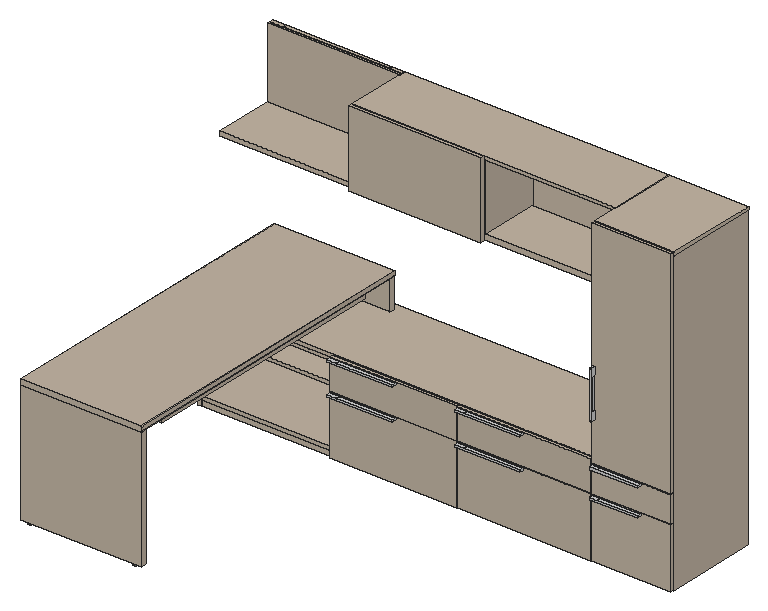
Revit family "FLT009", category Furniture, Revit 2015 (continued)
Definition of nested family "JSI-Flux-Dbl_H-Wall_Mount_OH_Shelf"
  Dimensions and locks (in)
    aligned and locked: plane 10 to Extrusion 3
    aligned and locked: Extrusion 2 to plane 9
    aligned and locked: Extrusion 3 to plane 9
    aligned and locked: plane 10 to Extrusion 4 sketch curve
    aligned and locked: plane 15 to Extrusion 4 sketch curve
    aligned and locked: plane 4 to Extrusion 4 sketch curve
    aligned and locked: plane 3 "Center (Front/Back)" to Extrusion 4 sketch curve
    aligned and locked: plane 16 to Extrusion 5 sketch curve
    aligned and locked: plane 9 to Extrusion 5 sketch curve
    aligned and locked: plane 4 to Extrusion 5 sketch curve
    aligned and locked: plane 3 "Center (Front/Back)" to Extrusion 5 sketch curve
    aligned and locked: Extrusion 4 to plane 13
    aligned and locked: Extrusion 5 to plane 13
    aligned and locked: plane 14 to Extrusion 4
    aligned and locked: plane 14 to Extrusion 5
    aligned and locked: plane 11 to Extrusion 6 sketch curve
    aligned and locked: plane 9 to Extrusion 6 sketch curve
    aligned and locked: plane 6 to Extrusion 6 sketch curve
    aligned and locked: plane 5 to Extrusion 6 sketch curve
    aligned and locked: Extrusion 6 to plane 2 "Center (Left/Right)"
    aligned and locked: plane 7 to Extrusion 6
    aligned and locked: curve 1 to plane 3 "Center (Front/Back)"
    aligned and locked: curve 2 to plane 2 "Center (Left/Right)"
    aligned and locked: curve 3 to plane 6
    aligned and locked: curve 4 to plane 7
    aligned and locked: curve 5 to plane 5
Definition of nested family "JSI-Flux-Wall_Mount_OH_Cab_Sldng_Dr"
  Parameters (values of type "Type Catalog - Wall Mount OH Cab Sldng Dr")
    Wiring Hole Dist = if(Door Adjust > 3, 1' 6", 0' 9")  # 1' - 6"
    Top = none
    Width = 7' - 11 7/8"
    URL = "www.jsifurniture.com"
    Type Comments = ""
    TAG = if(Width > 6' 6", "1 Door - Open - 1 Door", "1 Door - Open")  # "1 Door - Open - 1 Door"
    Shelf = none
    Series = "FLUX"  # constant formula
    Part-R = yes
    Part-L = yes
    Partition Distance_R = if(Door Adjust > 4, ((Door Adjust Width * 2) + 0' 0 1/8" - 0' 0 5/16"), ((Width / 2) - 0' 0 3/8"))  # 2' - 7 9/16"
    Partition Distance_L = if(Door Adjust > 4, ((Door Adjust Width * 2) + 0' 0 1/8" - 0' 0 5/16"), ((Width / 2) - 0' 0 3/8"))  # 2' - 7 9/16"
    OH Elevation = 2' - 5"
    Model = ""
    Manufacturer = "JSI"  # constant formula
    Level of Base Shelve = 0' - 0"
    Keynote = "12500"
    JSI Enviromental Website = "http://www.jsifurniture.com/jsi_sustainability_intro.php"
    Height = 1' - 5"
    Door Width = Partition Distance_L + 0' 0 5/16"  # 2' - 7 7/8"
    Door Array Dist = if(Door Adjust > 4, (Width - (Door Width * 2)) + Door Width, 0' 0")  # 5' - 4"
    Door Adjust Width = (Width - (0' 0 1/8" * (Door Adjust - 1))) / Door Adjust  # 1' - 3 7/8"
    Back Panel = none
    Door Front = none
    Description = ""
    Depth = 1' - 3 7/8"
    Chassis = none
    Assembly Code = "E2020200"
    Door Adjust = if(Width > 6' 6", 6, if(Width > 4' 6", 4, (if(Width > 3' 0", 3, 2))))  # 6
    # of Doors = 2
  Reference planes (in)
    plane 1: z = 0
    plane 2 "Center (Left/Right)": x = -36.06413
    plane 3 "Center (Front/Back)": y = 10.75
    plane 4: y = 9.25
    plane 5: x = -35.31413
    plane 6: x = 59.81087
    plane 7: x = 59.06087
    plane 8: x = -4.50163
    plane 9: x = -3.75163
    plane 10: x = 28.24837
    plane 11: x = 27.49837
    plane 12: y = -5.0625
    plane 13: y = -4.3125
    plane 14: y = -4.25
    plane 15: y = -2.0625
    plane 16: y = -5.125
    plane 17: x = 11.87337
    plane 18: z = 29
    plane 19: z = 29
    plane 20: z = 30.1875
    plane 21: z = 28.75
    plane 22: z = 45.25
    plane 23: z = 46
    plane 24: y = 9.1875
    plane 25: y = 9.9375
    plane 26: x = -20.18913
    plane 27: x = -20.06413
    plane 28: z = 28.5
    plane 29: x = -35.31413
    plane 30: x = -4.50163
    plane 31: x = -3.75163
    plane 32: x = 28.24837
    plane 33: x = 27.49837
    plane 34: x = 59.06087
    plane 35: x = -18.06413
    plane 36: x = 41.81087
    plane 37: x = 43.93587
    plane 38: x = 43.81087
    plane 39: x = -34.31413
    plane 40: x = 58.06087
    plane 41: z = 40.0625
    plane 42: z = 42.25
  Forms (in)
    Extrusion 1, solid, material <- "Chassis"
      sketch origin (0, 0, 0) x (1, 0, 0) y (0, 1, 0)
        loop
          line (-36.06413, 10.75) -> (-36.06413, -4.25) -> (-35.31413, -4.25) -> (-35.31413, 10.75) -> (-36.06413, 10.75)
      from 29 to 45.25
    Extrusion 2, solid, material <- "Chassis"
      sketch origin (0, 0, 0) x (1, 0, 0) y (0, 1, 0)
        loop
          line (59.06087, 10.75) -> (59.06087, -4.25) -> (59.81087, -4.25) -> (59.81087, 10.75) -> (59.06087, 10.75)
      from 29 to 45.25
    Extrusion 3, solid, material <- "Top"
      sketch origin (0, 0, 0) x (1, 0, 0) y (0, 0, 1)
        loop
          line (-36.06413, 45.25) -> (59.81087, 45.25) -> (59.81087, 46) -> (-36.06413, 46) -> (-36.06413, 45.25)
      from -10.75 to 4.25
    Extrusion 4, solid, material <- "Shelf"
      sketch origin (0, 0, 0) x (1, 0, 0) y (0, 0, 1)
        loop
          line (-35.31413, 30.1875) -> (-35.31413, 29) -> (59.06087, 29) -> (59.06087, 30.1875) -> (-35.31413, 30.1875)
      from -9.1875 to 4.25
    Extrusion 5, solid, material <- "Back Panel"
      sketch origin (0, 0, 0) x (1, 0, 0) y (0, 0, 1)
        loop
          line (-35.31413, 45.25) -> (-35.31413, 29) -> (59.06087, 29) -> (59.06087, 45.25) -> (-35.31413, 45.25)
      from -9.9375 to -9.1875
    Extrusion 6, solid, material <- "Chassis", visible <- "Part-L"
      sketch origin (0, 0, 0) x (1, 0, 0) y (0, 1, 0)
        loop
          line (-4.50163, 9.1875) -> (-4.50163, -4.25) -> (-3.75163, -4.25) -> (-3.75163, 9.1875) -> (-4.50163, 9.1875)
      from 30.1875 to 45.25
    Extrusion 7, solid, material <- "Chassis", visible <- "Part-R"
      sketch origin (0, 0, 0) x (1, 0, 0) y (0, 1, 0)
        loop
          line (27.49837, 9.1875) -> (27.49837, -4.25) -> (28.24837, -4.25) -> (28.24837, 9.1875) -> (27.49837, 9.1875)
      from 30.1875 to 45.25
    Extrusion 8, solid, material <- "Door Front"
      sketch origin (16, 0, -23) x (1, 0, 0) y (0, 0, 1)
        loop
          line (-52.06413, 69) -> (-52.06413, 51.75) -> (-20.18913, 51.75) -> (-20.18913, 69) -> (-52.06413, 69)
      from 4.3125 to 5.125
    Extrusion 9, solid, material <- "Door Front"
      sketch origin (80, 0, -23) x (1, 0, 0) y (0, 0, 1)
        loop
          line (-52.06413, 69) -> (-52.06413, 51.75) -> (-20.18913, 51.75) -> (-20.18913, 69) -> (-52.06413, 69)
      from 4.3125 to 5.125
    Extrusion 10, solid, material <- "Back Panel"
      sketch origin (0, 0, 0) x (0, 1, 0) y (0, 0, 1)
        loop
          line (10.75, 45.25) -> (9.9375, 45.25) -> (9.9375, 42.25) -> (10.75, 42.25) -> (10.75, 45.25)
      from -35.31413 to 59.06087
    Extrusion 11, solid, material <- "Back Panel"
      sketch origin (0, 0, 0) x (0, 1, 0) y (0, 0, 1)
        loop
          line (10.75, 42.25) -> (9.9375, 42.25) -> (9.9375, 40.0625) -> (10.75, 40.0625) -> (10.75, 42.25)
      from -34.31413 to 58.06087
  Lines and regions (in)
    symbolic lines
      curve 1: line (-36.06413, 10.75, 0) -> (-36.06413, -4.25, 0)
      curve 2: line (59.81087, 10.75, 0) -> (-36.06413, 10.75, 0)
      curve 3: line (59.81087, 10.75, 0) -> (59.81087, -4.25, 0)
      curve 4: line (59.81087, -4.25, 0) -> (-36.06413, -4.25, 0)
    symbolic lines, detail levels medium+fine
      curve 5: line (-36.06413, -4.3125, 0) -> (-36.06413, -5.125, 0)
      curve 6: line (-4.18913, -4.3125, 0) -> (-36.06413, -4.3125, 0)
      curve 7: line (-4.18913, -5.125, 0) -> (-36.06413, -5.125, 0)
      curve 8: line (-4.18913, -5.125, 0) -> (-4.18913, -4.3125, 0)
      curve 9: line (27.93587, -4.3125, 0) -> (27.93587, -5.125, 0)
      curve 10: line (59.81087, -4.3125, 0) -> (27.93587, -4.3125, 0)
      curve 11: line (59.81087, -5.125, 0) -> (27.93587, -5.125, 0)
      curve 12: line (59.81087, -5.125, 0) -> (59.81087, -4.3125, 0)
      curve 13: line (-35.31413, 9.1875, 0) -> (59.06087, 9.1875, 0)
      curve 14: line (59.06087, 9.1875, 0) -> (59.06087, 9.9375, 0)
      curve 15: line (59.06087, 9.9375, 0) -> (-35.31413, 9.9375, 0)
      curve 16: line (-35.31413, 9.9375, 0) -> (-35.31413, 9.1875, 0)
      curve 17: line (59.06087, 10.75, 0) -> (59.06087, -4.25, 0)
      curve 18: line (-35.31413, -4.25, 0) -> (-35.31413, 10.75, 0)
    symbolic lines, visible <- "Part-L", detail levels medium+fine
      curve 19: line (-3.75163, -4.25, 0) -> (-3.75163, 9.1875, 0)
      curve 20: line (-3.75163, 9.1875, 0) -> (-4.50163, 9.1875, 0)
      curve 21: line (-4.50163, 9.1875, 0) -> (-4.50163, -4.25, 0)
      curve 22: line (-4.50163, -4.25, 0) -> (-3.75163, -4.25, 0)
    symbolic lines, visible <- "Part-R", detail levels medium+fine
      curve 23: line (28.24837, -4.25, 0) -> (28.24837, 9.1875, 0)
      curve 24: line (28.24837, 9.1875, 0) -> (27.49837, 9.1875, 0)
      curve 25: line (27.49837, 9.1875, 0) -> (27.49837, -4.25, 0)
      curve 26: line (27.49837, -4.25, 0) -> (28.24837, -4.25, 0)
  Dimensions and locks (in)
    "Width": plane 2 "Center (Left/Right)" to plane 6
    "Depth": plane 16 to plane 3 "Center (Front/Back)"
    plane 12 to plane 13 to plane 14 to plane 15 = 0' - 0 3/4" locked, 0' - 0 1/16" locked, 0' - 2 3/16" locked
    locked: plane 16 to plane 12 at 0.0625
    locked: plane 2 "Center (Left/Right)" to plane 5 at 0.75
    locked: plane 8 to plane 9 at 0.75
    locked: plane 11 to plane 10 at 0.75
    locked: plane 7 to plane 6 at 0.75
    equal spacing: plane 2 "Center (Left/Right)", plane 17, plane 6
    "Height": plane 23 to plane 18
    "OH Elevation": plane 18 to plane 1
    plane 23 to plane 22 to plane 41 = 0' - 0 3/4" locked, 0' - 5 3/16" locked
    locked: plane 20 to plane 19 at 1.1875
    "Level of Base Shelve": plane 19 to plane 18
    plane 19 to plane 21 to plane 28 = 0' - 0 1/4" locked, 0' - 0 1/4" locked
    locked: plane 24 to plane 4 at 0.0625
    "Partition Distance_L": plane 2 "Center (Left/Right)" to plane 8
    "Partition Distance_R": plane 10 to plane 6
    plane 2 "Center (Left/Right)" to plane 29 = 0' - 0 3/4"
    equal spacing: group 1, group 2, group 5, group 6, group 7, group 8  (x3)
    "Wiring Hole Dist": plane 2 "Center (Left/Right)" to plane 35
    "Wiring Hole Dist": plane 36 to plane 6
    "Door Width": Extrusion 8 sketch curve to Extrusion 8 sketch curve
    "Door Width": Extrusion 9 sketch curve to Extrusion 9 sketch curve
    group 3 to group 4 = 5' - 4"
    group 3 to group 4 = 0' - 0"  (x2)
    "Door Array Dist": Extrusion 8 to Extrusion 9
    plane 24 to plane 25 to plane 3 "Center (Front/Back)" = 0' - 0 3/4" locked, 0' - 0 13/16" locked
    locked: plane 40 to plane 34 at 1
    locked: plane 29 to plane 39 at 1
    locked: plane 22 to plane 42 at 3
    aligned and locked: level to plane 1
    aligned and locked: Extrusion 1 sketch curve to plane 2 "Center (Left/Right)"
    aligned and locked: Extrusion 1 sketch curve to plane 5
    aligned and locked: Extrusion 1 sketch curve to plane 3 "Center (Front/Back)"
    aligned and locked: Extrusion 1 sketch curve to plane 14
    aligned and locked: Extrusion 2 sketch curve to plane 7
    aligned and locked: Extrusion 2 sketch curve to plane 6
    aligned and locked: Extrusion 2 sketch curve to plane 3 "Center (Front/Back)"
    aligned and locked: Extrusion 2 sketch curve to plane 14
    aligned and locked: plane 22 to Extrusion 1
    aligned and locked: plane 22 to Extrusion 2
    aligned and locked: Extrusion 1 to plane 18
    aligned and locked: Extrusion 2 to plane 18
    aligned and locked: Extrusion 3 sketch curve to plane 22
    aligned and locked: Extrusion 3 sketch curve to plane 23
    aligned and locked: Extrusion 3 sketch curve to plane 2 "Center (Left/Right)"
    aligned and locked: Extrusion 3 sketch curve to plane 6
    aligned and locked: Extrusion 4 sketch curve to plane 20
    aligned and locked: Extrusion 4 sketch curve to plane 19
    aligned and locked: Extrusion 4 sketch curve to plane 5
    aligned and locked: Extrusion 4 sketch curve to plane 7
    aligned and locked: Extrusion 3 to plane 3 "Center (Front/Back)"
    aligned and locked: plane 14 to Extrusion 3
    aligned and locked: Extrusion 4 to plane 24
    aligned and locked: plane 14 to Extrusion 4
    aligned and locked: Extrusion 5 sketch curve to plane 22
    aligned and locked: Extrusion 5 sketch curve to plane 5
    aligned and locked: Extrusion 5 sketch curve to plane 7
    aligned and locked: Extrusion 5 sketch curve to plane 18
    aligned and locked: Extrusion 5 to plane 25
    aligned and locked: plane 24 to Extrusion 5
    aligned and locked: Extrusion 6 sketch curve to plane 8
    aligned and locked: Extrusion 6 sketch curve to plane 9
    aligned and locked: Extrusion 6 sketch curve to plane 24
    aligned and locked: Extrusion 6 sketch curve to plane 14
    aligned and locked: Extrusion 7 sketch curve to plane 11
    aligned and locked: Extrusion 7 sketch curve to plane 10
    aligned and locked: Extrusion 7 sketch curve to plane 24
    aligned and locked: Extrusion 7 sketch curve to plane 14
    aligned and locked: plane 22 to Extrusion 6
    aligned and locked: Extrusion 6 to plane 20
    aligned and locked: plane 22 to Extrusion 7
    aligned and locked: Extrusion 7 to plane 20
    aligned and locked: plane 17 to nested 1
    aligned and locked: plane 12 to nested 1
    aligned and locked: curve 1 to plane 2 "Center (Left/Right)"
    aligned and locked: curve 2 to plane 3 "Center (Front/Back)"
    aligned and locked: curve 3 to plane 6
    aligned and locked: curve 4 to plane 14
    aligned and locked: plane 16 to Extrusion 8
    aligned and locked: Extrusion 8 to plane 13
    aligned and locked: Extrusion 8 to plane 2 "Center (Left/Right)"
    aligned and locked: curve 8 to Extrusion 8
    aligned and locked: curve 12 to Extrusion 9
    aligned and locked: curve 5 to Extrusion 8
    aligned and locked: curve 9 to Extrusion 9
    aligned and locked: Extrusion 8 to plane 21
    aligned and locked: Extrusion 9 to plane 21
    aligned and locked: plane 23 to Extrusion 8
    aligned and locked: plane 3 "Center (Front/Back)" to Extrusion 10 sketch curve
    aligned and locked: plane 25 to Extrusion 10 sketch curve
    aligned and locked: plane 22 to Extrusion 10 sketch curve
    aligned and locked: plane 42 to Extrusion 10 sketch curve
    aligned and locked: plane 42 to Extrusion 11 sketch curve
    aligned and locked: plane 41 to Extrusion 11 sketch curve
    aligned and locked: plane 3 "Center (Front/Back)" to Extrusion 11 sketch curve
    aligned and locked: plane 25 to Extrusion 11 sketch curve
    aligned and locked: Extrusion 10 to plane 29
    aligned and locked: Extrusion 11 to plane 39
    aligned and locked: plane 34 to Extrusion 10
    aligned and locked: plane 40 to Extrusion 11
    aligned and locked: plane 34 to plane 7
    aligned and locked: curve 13 to Extrusion 5
    aligned and locked: curve 14 to Extrusion 5
    aligned and locked: curve 15 to Extrusion 5
    aligned and locked: curve 16 to Extrusion 5
    aligned and locked: curve 17 to Extrusion 2
    aligned and locked: curve 18 to Extrusion 1
    aligned and locked: curve 19 to Extrusion 6
    aligned and locked: curve 20 to Extrusion 6
    aligned and locked: curve 21 to Extrusion 6
    aligned and locked: curve 22 to Extrusion 6
    aligned and locked: curve 23 to Extrusion 7
    aligned and locked: curve 24 to Extrusion 7
    aligned and locked: curve 25 to Extrusion 7
    aligned and locked: curve 26 to Extrusion 7
    aligned and locked: plane 14 to curve 18
    aligned and locked: plane 3 "Center (Front/Back)" to curve 18
    aligned and locked: plane 14 to curve 17
    aligned and locked: plane 3 "Center (Front/Back)" to curve 17
  Automatic sketch dimensions
    Extrusion 8 sketch curve to Extrusion 8 sketch curve = 1' - 5 1/4"
    Extrusion 9 sketch curve to Extrusion 9 sketch curve = 1' - 5 1/4"
    curve 5 to curve 8 = 2' - 7 7/8"
    curve 8 to curve 8 = 0' - 0 13/16"
    curve 9 to curve 12 = 2' - 7 7/8"
    curve 12 to curve 12 = 0' - 0 13/16"
  Nested families (in)
    nested 1: "Label 1-16 OH" at (11.87337, -5.0625, 0), type "OH DOORS"
  Definition of nested family "Label 1-16 OH"
    Parameters
      Width = 0' - 1"
      Model Name = "6 Doors"
    Reference planes (in)
      plane 1: y = 0
      plane 2: x = 0
    Text (in)
      label "XX" at (0.00051, -0.12324, 0), shows "Model Name"
Definition of nested family "JSI-Flux-Wb_Sc_Ht"
  Parameters (values of type "Type Catalog - Wb, Sc Ht")
    W = no
    V_Void_Dist = if(F, 0' 0", (if(W, (if(F7, (if(Width > 1' 7", 0' 0", 0' 2")), 0' 2")), 0' 2")))  # 0' - 0"
    V_Pull_Width = if(Height > 5' 10", 1' 2 27/32", 0' 10 27/32")  # 0' - 10 27/32"
    V_Pull_R_R = if(FD, (if(L, 1 > 2, 2 > 1)), (if(F, 1 > 2, (if(W, 1 > 2, 2 > 1)))))  # no
    V_Pull_R_L = if(FD, (if(L, 2 > 1, 1 > 2)), (if(F, (if(F0, (if(L, 1 > 2, 2 > 1)), 2 > 1)), 1 > 2)))  # no
    V_Pull_L_R = if(FD, 1 > 2, (if(F, (if(F0, (if(L, 2 > 1, 1 > 2)), 2 > 1)), (if(W, (if(L, 1 > 2, (if(Width > 2' 1", 1 > 2, (if(F0, 1 > 2, 2 > 1)))))), 1 > 2)))))  # yes
    V_Pull_L_L = if(FD, 1 > 2, (if(F, 1 > 2, (if(W, (if(Width > 2' 1", (if(F0, 1 > 2, 2 > 1)), (if(L, (if(F0, 1 > 2, 2 > 1)), 1 > 2)))), 2 > 1)))))  # no
    Top_V_Void_Dist = if(W, (if(Width > 2' 1", 0' 0", 0' 2")), 0' 2")  # 0' - 2"
    Top_Pull_Dist = if(W, (if(Width > 2' 1", (if(F7, ((Width / 2) - 0' 0 7/32" - Pull_Width), ((Width / 2) - (Pull_Width / 2)))), (if(F0, (if(F1, ((Width / 2) - (Pull_Width / 2)), (if(F2, ((Width / 2) - (Pull_Width / 2)), (if(L, (0' 0 1/4" + 0' 0 1/16"), (Width - 0' 0 1/4" - 0' 0 1/16" - Pull_Width))))))), (if(L, (0' 0 1/4" + 0' 0 1/16"), (Width - 0' 0 1/4" - 0' 0 1/16" - Pull_Width))))))), (if(L, Partition Dist + 0' 0 1/16" + 0' 0 7/32", Partition Dist + 0' 0 11/16" - 0' 0 7/32" - Pull_Width)))  # 0' - 6 5/16"
    Top_Pull = if(F1, 2 > 1, (if(F2, 2 > 1, (if(F7, 2 > 1, 1 > 2)))))  # yes
    Top_2_Pull_Dist = if(W, (if(F7, (if(Width > 1' 6", ((Width / 2) + 0' 0 1/16" + 0' 0 7/32"), Width + 0' 2")), Width + 0' 2")), Width + 0' 2")  # 1' - 8 1/16"
    Top_2_Pull = if(W, (if(F7, (if(Width > 2' 1", 2 > 1, 1 > 2)), 1 > 2)), 1 > 2)  # no
    R_Vertical_Pull_Dist = if(FD, (if(L, 0' 0 1/32" + 0' 0 1/16" + 0' 0 7/32", (Width - 0' 0 1/32" - 0' 0 1/16" - 0' 0 7/32"))), L_Vertical_Pull_Dist + 0' 0 7/16" + 0' 0 1/8")  # 0' - 6 5/16"
    Pull_Width = if(Width > 2' 1", (if(F7, 0' 10 27/32", 1' 2 3/4")), 0' 10 27/32")  # 0' - 10 27/32"
    Partition = if(FD, 1 > 2, (if(W, 1 > 2, 2 > 1)))  # yes
    L_Vertical_Pull_Dist = (if(W, (if(Width > 2' 1", ((Width / 2) + 0' 0 1/16" + 0' 0 7/32"), (if(L, 0' 0 1/16" + 0' 0 7/32", Width - 0' 0 1/16" - 0' 0 7/32")))), (if(L, Partition Dist - 0' 0 7/32" - 0' 0 1/16", Partition Dist + 0' 0 3/4" - 0' 0 7/32" - 0' 0 1/16"))))  # 0' - 5 3/4"
    Hngr_R = if(W, 1 > 2, (if(FD, 1 > 2, (if(L, 2 > 1, 1 > 2)))))  # yes
    Hngr_L = if(W, 1 > 2, (if(FD, 1 > 2, (if(L, 1 > 2, 2 > 1)))))  # no
    Hanger_Dist = if(L, Partition Dist + 0' 0 3/4", Partition Dist)  # 0' - 6 25/32"
    H_Void_Width = if(F, Top_Shelf_Width + 0' 1 1/2", Width)  # 1' - 0"
    H_Void_Upper_Dist = if(F0, 0' 0", 0' 2")  # 0' - 0"
    H_Void_Top_Dist = if(FD, 0' 2", 0' 0")  # 0' - 0"
    H_Void_H_Dist = if(F, (if(L, Partition Dist + 0' 0 1/16", 0' 0")), 0' 0")  # 0' - 6 3/32"
    H_Void_C_Dist = if(F1, 0' 0", 0' 2")  # 0' - 2"
    H_Void_Bottom_Dist = if(F1, 0' 0", (if(F2, 0' 0", 0' 2")))  # 0' - 0"
    H_Dist_V_Void = if(F, (if(L, Partition Dist - 0' 0 1/16", Partition Dist + 0' 0 3/4" - 0' 0 1/16")), (Width / 2) - 0' 0 1/16")  # 0' - 5 31/32"
    H_Dist_C_Panel = if(F, (if(L, Partition Dist - 0' 0 1/32", 0' 0")), 0' 0")  # 0' - 6"
    Top_Shelf_Width = C_Shelf_Width  # 0' - 10 1/2"
    Top_Shelf_Dist = if(Height > 5' 10", ((Height - 0' 0 5/16" - 0' 1 1/2" - 0' 1 3/16") / 7.25), ((Height - 0' 0 5/16" - 0' 1 1/2" - 0' 1 3/16") / 6))  # 0' - 11.03646"
    Top_Shelf_Array_Dist = if(Height > 5' 10", ((Height - 0' 0 5/16" - 0' 1 1/2" - 0' 1 3/16") / 6), ((Height - 0' 0 5/16" - 0' 1 1/2" - 0' 1 3/16") / 5))  # 1' - 1.24375"
    Top = none
    Width = 1' - 6 1/16"
    URL = "www.jsifurniture.com"
    Type Comments = ""
    TAG = if(F2, "BF", (if(Width < 2' 1", "1 Door", "2 Doors")))  # "BF"
    Shelf = none
    Series = "FLUX"  # constant formula
    Pull Finish = none
    Partition Dist = if(L, 0' 6 1/32", Width - 0' 6 1/32" - 0' 0 3/4")  # 0' - 6 1/32"
    Model = ""
    Manufacturer = "JSI"  # constant formula
    L = yes
    Keynote = "12500"
    JSI Enviromental Website = "http://www.jsifurniture.com/jsi_sustainability_intro.php"
    Height = 5' - 9 7/32"
    H_Dist_Top_Shelf = if(F, (if(L, Partition Dist + 0' 0 3/4", 0' 0 3/4" + 0' 0 1/32")), 0' 0 3/4" + 0' 0 1/32")  # 0' - 6 25/32"
    H_Dist_Bottom_Shelf = if(F, (if(L, 0' 0", Width - Bottom_Shelf_Width - 0' 0 1/16" - 0' 1 1/2")), 0' 0")  # 0' - 0"
    Glides = none
    FD = 1 > 2  # no
    F7 = yes
    F2 = yes
    F1 = 1 > 2  # no
    F0 = yes
    F = yes
    Door Line = if(W, (if(Width > 2' 1", (if(F0, (if(F7, 2 > 1, 1 > 2)), 2 > 1)), 1 > 2)), 1 > 2)  # no
    C_Shelf_Width = if(F, Width - 0' 6 1/32" - 0' 1 1/2" - 0' 0 1/32", Width - 0' 0 1/16" - 0' 1 1/2")  # 0' - 10 1/2"
    C_Pull_Dist = Top_Pull_Dist  # 0' - 6 5/16"
    C_Pull = if(F1, 2 > 1, 1 > 2)  # no
    Bottom_Shelf_Width = if(F, 0' 5 1/4", (Width - 0' 0 1/16" - 0' 1 1/2"))  # 0' - 5 1/4"
    Bottom_Shelf_ Dist = if(FD, 1' 7", 1' 6 1/4")  # 1' - 6 1/4"
    Bottom_Pull_Dist = Top_Pull_Dist  # 0' - 6 5/16"
    Bottom Pull = if(F1, 2 > 1, (if(F2, 2 > 1, 1 > 2)))  # yes
    Bottom Door Height = 1' - 1 9/16"  # constant formula
    Back Panel = none
    Door Front = none
    Description = ""
    Depth = 1' - 9 13/16"
    Chassis = none
    Assembly Code = "E2020200"
    # of Top Shelf = if(Height > 5' 10", 4, 3)  # 3
  Reference planes (in)
    plane 1: z = 0
    plane 2 "Center (Left/Right)": x = -36.06413
    plane 3 "Center (Front/Back)": y = 10.75
    plane 4: x = -18.00163
    plane 5: x = -36.03288
    plane 6: x = -18.03288
    plane 7: y = 10.71875
    plane 8: y = -10.28125
    plane 9: x = -35.28288
    plane 10: x = -18.78288
    plane 11: x = -27.03288
    plane 12: z = 69.21875
    plane 13: z = 0.3125
    plane 14: z = 1.5
    plane 15: z = 2.25
    plane 16: z = 68.46875
    plane 17: y = 10.65625
    plane 18: y = 9.90625
    plane 19: y = 5.90625
    plane 20: y = -10.25
    plane 21: y = -6.25
    plane 22: x = -34.28288
    plane 23: x = -19.78288
    plane 24: y = -9.25
    plane 25: y = 8.90625
    plane 26: y = -11.0625
    plane 27: z = 0.4375
    plane 28: x = -35.97038
    plane 29: x = -18.09538
    plane 30: x = -27.09538
    plane 31: x = -26.97038
    plane 32: z = 69.09375
    plane 33: z = 19.75
    plane 34: z = 20.5
    plane 35: z = 14
    plane 36: z = 14.375
    plane 37: z = 13.625
    plane 38: z = 68.46875
    plane 39: z = 67.71875
    plane 40: y = -10.3125
    plane 41: y = -10.3125
    plane 42: y = -11.3125
    plane 43: y = -10.3125
    plane 44: y = -11.3125
    plane 45: y = -12.3125
    plane 46: y = -13.3125
    plane 47: y = -10.3125
    plane 48: y = -11.3125
    plane 49: z = 20.1875
    plane 50: z = 20.3125
    plane 51: z = 1.625
    plane 52: z = 14.0625
    plane 53: z = 14.125
    plane 54: z = 14
    plane 55: x = -30.03288
    plane 56: x = -29.28288
    plane 57: x = -30.09538
    plane 58: x = -29.97038
    plane 59: x = -29.97038
    plane 60: x = -17.97038
    plane 61: y = -10.3125
    plane 62: y = -11.3125
    plane 63: x = -29.28288
    plane 64: y = -0.15625
    plane 65: z = 65.59375
    plane 66: x = -29.75163
    plane 67: x = -29.75163
    plane 68: x = -29.75163
    plane 69: z = 19.98438
    plane 70: z = 13.79688
    plane 71: x = -30.31413
    plane 72: x = -29.75163
    plane 73: z = 34.76563
    plane 74: x = -16.00163
    plane 75: y = -12.3125
    plane 76: y = -13.3125
  Forms (in)
    Extrusion 1, solid, material <- "Chassis"
      sketch origin (0, 0, 0) x (1, 0, 0) y (0, 1, 0)
        loop
          line (-36.03288, 10.71875) -> (-36.03288, -10.25) -> (-35.28288, -10.25) -> (-35.28288, 10.71875) -> (-36.03288, 10.71875)
      from 0.3125 to 68.46875
    Extrusion 2, solid, material <- "Chassis"
      sketch origin (0, 0, 0) x (1, 0, 0) y (0, 1, 0)
        loop
          line (-18.03288, 10.71875) -> (-18.78288, 10.71875) -> (-18.78288, -10.25) -> (-18.03288, -10.25) -> (-18.03288, 10.71875)
      from 0.3125 to 68.46875
    Extrusion 3, solid, material <- "Back Panel"
      sketch origin (0, 0, 0) x (1, 0, 0) y (0, 1, 0)
        loop
          line (-18.78288, 10.65625) -> (-35.28288, 10.65625) -> (-35.28288, 9.90625) -> (-18.78288, 9.90625) -> (-18.78288, 10.65625)
      from 0.3125 to 68.46875
    Extrusion 4, solid, material <- "Top"
      sketch origin (0, 0, 0) x (0, 1, 0) y (0, 0, 1)
        loop
          line (10.75, 69.21875) -> (-10.28125, 69.21875) -> (-10.28125, 68.46875) -> (10.75, 68.46875) -> (10.75, 69.21875)
      from -36.06413 to -18.00163
    Extrusion 5, solid, material <- "Chassis"
      sketch origin (0, 0, 0) x (0, 1, 0) y (0, 0, 1)
        loop
          line (9.90625, 1.5) -> (5.90625, 1.5) -> (5.90625, 0.3125) -> (9.90625, 0.3125) -> (9.90625, 1.5)
      from -35.28288 to -18.78288
    Extrusion 6, solid, material <- "Chassis"
      sketch origin (0, 0, 0) x (0, 1, 0) y (0, 0, 1)
        loop
          line (-6.25, 1.5) -> (-10.25, 1.5) -> (-10.25, 0.3125) -> (-6.25, 0.3125) -> (-6.25, 1.5)
      from -35.28288 to -18.78288
    Extrusion 7, solid, material <- "Shelf"
      sketch origin (0, 0, 0) x (0, 1, 0) y (0, 0, 1)
        loop
          line (9.90625, 1.5) -> (9.90625, 2.25) -> (-10.25, 2.25) -> (-10.25, 1.5) -> (9.90625, 1.5)
      from -35.28288 to -18.78288
    Extrusion 8, solid, material <- "Glides"
      sketch origin (0, 0, 0) x (1, 0, 0) y (0, 1, 0)
        loop
          circle (-34.28288, 8.90625) r 0.5
      from 0 to 0.3125
    Extrusion 9, solid, material <- "Glides"
      sketch origin (0, 0, 0) x (1, 0, 0) y (0, 1, 0)
        loop
          circle (-19.78288, 8.90625) r 0.5
      from 0 to 0.3125
    Extrusion 10, solid, material <- "Glides"
      sketch origin (0, 0, 0) x (1, 0, 0) y (0, 1, 0)
        loop
          circle (-34.28288, -9.25) r 0.5
      from 0 to 0.3125
    Extrusion 11, solid, material <- "Glides"
      sketch origin (0, 0, 0) x (1, 0, 0) y (0, 1, 0)
        loop
          circle (-19.78288, -9.25) r 0.5
      from 0 to 0.3125
    Extrusion 12, solid, material <- "Shelf"
      sketch origin (0, 0, 0) x (1, 0, 0) y (0, 0, 1)
        loop
          line (-29.28288, 19.75) -> (-18.78288, 19.75) -> (-18.78288, 20.5) -> (-29.28288, 20.5) -> (-29.28288, 19.75)
      from -9.90625 to 10.25
    Extrusion 13, solid, material <- "Shelf"
      sketch origin (2.625, 0, 0) x (1, 0, 0) y (0, 0, 1)
        loop
          line (-37.90788, 13.625) -> (-32.65788, 13.625) -> (-32.65788, 14.375) -> (-37.90788, 14.375) -> (-37.90788, 13.625)
      from -9.90625 to 10.25
    Extrusion 14, solid, material <- "Shelf"
      sketch origin (5, 0, -10.28646) x (1, 0, 0) y (0, 0, 1)
        loop
          line (-34.28288, 68.46875) -> (-34.28288, 67.71875) -> (-23.78288, 67.71875) -> (-23.78288, 68.46875) -> (-34.28288, 68.46875)
      from -9.90625 to 9.25
    Extrusion 15, solid, material <- "Shelf"
      sketch origin (5, 0, -23.53021) x (1, 0, 0) y (0, 0, 1)
        loop
          line (-34.28288, 68.46875) -> (-34.28288, 67.71875) -> (-23.78288, 67.71875) -> (-23.78288, 68.46875) -> (-34.28288, 68.46875)
      from -9.90625 to 9.25
    Extrusion 16, solid, material <- "Shelf"
      sketch origin (5, 0, -36.77396) x (1, 0, 0) y (0, 0, 1)
        loop
          line (-34.28288, 68.46875) -> (-34.28288, 67.71875) -> (-23.78288, 67.71875) -> (-23.78288, 68.46875) -> (-34.28288, 68.46875)
      from -9.90625 to 9.25
    Extrusion 17, solid, material <- "Door Front"
      sketch origin (0, 0, 0) x (1, 0, 0) y (0, 1, 0)
        loop
          line (-35.97038, -10.3125) -> (-35.97038, -11.0625) -> (-18.09538, -11.0625) -> (-18.09538, -10.3125) -> (-35.97038, -10.3125)
      from 0.4375 to 69.09375
    Extrusion 18, solid, material <- "Chassis", visible <- "Partition"
      sketch origin (0, 0, 0) x (1, 0, 0) y (0, 1, 0)
        loop
          line (-30.03288, 9.90625) -> (-30.03288, -10.25) -> (-29.28288, -10.25) -> (-29.28288, 9.90625) -> (-30.03288, 9.90625)
      from 2.25 to 68.46875
    Extrusion 19, void
      sketch origin (0, 0, 0) x (1, 0, 0) y (0, 1, 0)
        loop
          line (-30.09538, -10.3125) -> (-30.09538, -11.3125) -> (-29.97038, -11.3125) -> (-29.97038, -10.3125) -> (-30.09538, -10.3125)
      from 0.3125 to 69.21875
    Extrusion 20, void
      sketch origin (0, 0, 0) x (1, 0, 0) y (0, 0, 1)
        loop
          line (-29.97038, 20.1875) -> (-17.97038, 20.1875) -> (-17.97038, 20.3125) -> (-29.97038, 20.3125) -> (-29.97038, 20.1875)
      from 10.3125 to 11.3125
    Extrusion 21, void
      sketch origin (0, 0, 0) x (1, 0, 0) y (0, 0, 1)
        loop
          line (-29.97038, 14.125) -> (-29.97038, 14) -> (-17.97038, 14) -> (-17.97038, 14.125) -> (-29.97038, 14.125)
      from 10.3125 to 11.3125
    Extrusion 22, void
      sketch origin (0, 0, 0) x (1, 0, 0) y (0, 0, 1)
        loop
          line (-29.97038, 69.21875) -> (-29.97038, 20.3125) -> (-17.97038, 20.3125) -> (-17.97038, 69.21875) -> (-29.97038, 69.21875)
      from 10.3125 to 11.3125
    Extrusion 23, void
      sketch origin (0, 0, 0) x (1, 0, 0) y (0, 1, 0)
        loop
          line (-30.09538, -12.3125) -> (-30.09538, -13.3125) -> (-29.97038, -13.3125) -> (-29.97038, -12.3125) -> (-30.09538, -12.3125)
      from 20.1875 to 69.21875
  Cuts and joins
    Extrusion 19, Extrusion 20, Extrusion 21, Extrusion 22, Extrusion 23 cuts Extrusion 17
  Lines and regions (in)
    symbolic lines
      curve 1: line (-36.06413, 10.75, 0) -> (-36.06413, -10.28125, 0)
      curve 2: line (-18.00163, 10.75, 0) -> (-36.06413, 10.75, 0)
      curve 3: line (-18.00163, -10.28125, 0) -> (-36.06413, -10.28125, 0)
      curve 4: line (-18.00163, 10.75, 0) -> (-18.00163, -10.28125, 0)
      curve 15: line (-35.97038, -10.3125, 0) -> (-35.97038, -11.0625, 0)
      curve 16: line (-18.09538, -10.3125, 0) -> (-29.97038, -10.3125, 0)
      curve 17: line (-18.09538, -11.0625, 0) -> (-29.97038, -11.0625, 0)
      curve 18: line (-18.09538, -10.3125, 0) -> (-18.09538, -11.0625, 0)
      curve 21: line (-30.09538, -10.3125, 0) -> (-35.97038, -10.3125, 0)
      curve 22: line (-30.09538, -11.0625, 0) -> (-35.97038, -11.0625, 0)
      curve 29: line (45.63504, 0, 14.125) -> (-60, 0, 14.125)
    symbolic lines, detail levels medium+fine
      curve 5: line (-36.03288, 10.71875, 0) -> (-36.03288, -10.25, 0)
      curve 6: line (-35.28288, 10.71875, 0) -> (-35.28288, -10.25, 0)
      curve 7: line (-18.78288, 10.71875, 0) -> (-18.78288, -10.25, 0)
      curve 8: line (-18.03288, 10.71875, 0) -> (-18.03288, -10.25, 0)
      curve 9: line (-35.28288, 10.71875, 0) -> (-36.03288, 10.71875, 0)
      curve 10: line (-35.28288, -10.25, 0) -> (-36.03288, -10.25, 0)
      curve 11: line (-18.03288, 10.71875, 0) -> (-18.78288, 10.71875, 0)
      curve 12: line (-18.03288, -10.25, 0) -> (-18.78288, -10.25, 0)
      curve 13: line (-18.78288, 10.65625, 0) -> (-35.28288, 10.65625, 0)
      curve 14: line (-18.78288, 9.90625, 0) -> (-35.28288, 9.90625, 0)
    symbolic lines, visible <- "F"
      curve 19: line (-30.09538, -10.3125, 0) -> (-30.09538, -11.0625, 0)
      curve 20: line (-29.97038, -10.3125, 0) -> (-29.97038, -11.0625, 0)
    symbolic lines, visible <- "FD"
      curve 23: line (-30.09538, -10.3125, 0) -> (-29.97038, -10.3125, 0)
      curve 24: line (-30.09538, -11.0625, 0) -> (-29.97038, -11.0625, 0)
    symbolic lines, visible <- "Door Line"
      curve 25: line (-30.09538, -10.3125, 0) -> (-30.09538, -11.0625, 0)
      curve 26: line (-29.97038, -10.3125, 0) -> (-29.97038, -11.0625, 0)
    symbolic lines, visible <- "W"
      curve 27: line (-30.09538, -11.0625, 0) -> (-29.97038, -11.0625, 0)
      curve 28: line (-30.09538, -10.3125, 0) -> (-29.97038, -10.3125, 0)
  Dimensions and locks (in)
    locked: plane 2 "Center (Left/Right)" to plane 5 at 0.03125
    locked: plane 6 to plane 4 at 0.03125
    "Width": plane 2 "Center (Left/Right)" to plane 4
    locked: plane 7 to plane 3 "Center (Front/Back)" at 0.03125
    locked: plane 5 to plane 9 at 0.75
    locked: plane 10 to plane 6 at 0.75
    equal spacing: plane 2 "Center (Left/Right)", plane 11, plane 4
    "Height": plane 12 to plane 1
    locked: plane 12 to plane 16 at 0.75
    locked: plane 13 to plane 1 at 0.3125
    locked: plane 15 to plane 14 at 0.75
    locked: plane 14 to plane 13 at 1.1875
    plane 18 to plane 17 to plane 7 = 0' - 0 3/4" locked, 0' - 0 1/16" locked
    locked: plane 19 to plane 18 at 4
    plane 40 to plane 8 to plane 20 = 0' - 0 1/32", 0' - 0 1/32"
    locked: plane 20 to plane 21 at 4
    locked: plane 9 to plane 22 at 1
    locked: plane 23 to plane 10 at 1
    locked: plane 20 to plane 24 at 1
    locked: plane 25 to plane 18 at 1
    locked: curve 5 to curve 6 at 0.75
    locked: curve 7 to curve 8 at 0.75
    locked: plane 27 to plane 13 at 0.125
    locked: plane 5 to plane 28 at 0.0625
    locked: plane 29 to plane 6 at 0.0625
    plane 30 to plane 11 to plane 31 = 0' - 0 1/16" locked, 0' - 0 1/16" locked
    locked: plane 12 to plane 32 at 0.125
    locked: plane 34 to plane 33 at 0.75
    "Bottom_Shelf_ Dist": plane 34 to plane 15
    "Bottom Door Height": plane 54 to plane 27
    plane 36 to plane 35 to plane 37 = 0' - 0 3/8" locked, 0' - 0 3/8" locked
    locked: plane 38 to plane 39 at 0.75
    locked: plane 26 to plane 40 at 0.75
    "Depth": plane 26 to plane 3 "Center (Front/Back)"
    "C_Shelf_Width": Extrusion 12 sketch curve to Extrusion 12 sketch curve
    "Bottom_Shelf_Width": Extrusion 13 sketch curve to Extrusion 13 sketch curve
    "H_Dist_Bottom_Shelf": Extrusion 13 to plane 9
    "H_Dist_C_Panel": Extrusion 12 to plane 9
    "Top_Shelf_Width": Extrusion 14 sketch curve to Extrusion 14 sketch curve
    locked: Extrusion 14 sketch curve to Extrusion 14 sketch curve at 0.75
    "Top_Shelf_Width": Extrusion 15 sketch curve to Extrusion 15 sketch curve
    locked: Extrusion 15 sketch curve to Extrusion 15 sketch curve at 0.75
    equal spacing: group 1, group 2, group 3  (x2)
    equal spacing: group 3, group 2, group 1
    "H_Dist_Top_Shelf": Extrusion 14 to plane 2 "Center (Left/Right)"
    "Top_Shelf_Dist": plane 12 to Extrusion 14
    "Top_Shelf_Array_Dist": Extrusion 14 to Extrusion 15
    "Top_Shelf_Width": Extrusion 16 sketch curve to Extrusion 16 sketch curve
    locked: Extrusion 16 sketch curve to Extrusion 16 sketch curve at 0.75
    locked: plane 34 to plane 49 at 0.3125
    locked: plane 50 to plane 49 at 0.125
    locked: plane 51 to plane 14 at 0.125
    plane 53 to plane 52 to plane 54 = 0' - 0 1/16" locked, 0' - 0 1/16" locked
    locked: plane 55 to plane 56 at 0.75
    "Partition Dist": plane 2 "Center (Left/Right)" to plane 55
    locked: plane 57 to plane 58 at 0.125
    "H_Dist_V_Void": plane 2 "Center (Left/Right)" to plane 57
    "H_Void_Width": plane 59 to plane 60
    "H_Void_H_Dist": plane 2 "Center (Left/Right)" to plane 59
    "V_Void_Dist": plane 41 to plane 40
    "H_Void_Top_Dist": plane 43 to plane 40
    "H_Void_C_Dist": plane 45 to plane 40
    "H_Void_Bottom_Dist": plane 47 to plane 40
    locked: plane 42 to plane 41 at 1
    locked: plane 44 to plane 43 at 1
    locked: plane 46 to plane 45 at 1
    locked: plane 48 to plane 47 at 1
    locked: plane 62 to plane 61 at 1
    "H_Void_Upper_Dist": plane 61 to plane 40
    equal spacing: plane 26, plane 64, plane 3 "Center (Front/Back)"
    locked: plane 12 to plane 65 at 3.625
    "Hanger_Dist": plane 2 "Center (Left/Right)" to plane 63
    locked: plane 49 to plane 69 at 0.20313
    locked: plane 54 to plane 70 at 0.20312
    "Top_Pull_Dist": plane 2 "Center (Left/Right)" to plane 66
    "C_Pull_Dist": plane 2 "Center (Left/Right)" to plane 67
    "Bottom_Pull_Dist": plane 2 "Center (Left/Right)" to plane 68
    plane 12 to plane 13 = 5' - 8 29/32"
    equal spacing: plane 12, plane 73, plane 13
    "L_Vertical_Pull_Dist": plane 2 "Center (Left/Right)" to plane 71
    "R_Vertical_Pull_Dist": plane 2 "Center (Left/Right)" to plane 72
    "Top_2_Pull_Dist": plane 2 "Center (Left/Right)" to plane 74
    locked: plane 76 to plane 75 at 1
    "Top_V_Void_Dist": plane 75 to plane 43
    radius of Extrusion 8 sketch curve = 0' - 0 1/2"
    radius of Extrusion 9 sketch curve = 0' - 0 1/2"
    radius of Extrusion 10 sketch curve = 0' - 0 1/2"
    radius of Extrusion 11 sketch curve = 0' - 0 1/2"
    aligned and locked: level to plane 1
    aligned and locked: Extrusion 1 sketch curve to plane 5
    aligned and locked: Extrusion 1 sketch curve to plane 9
    aligned and locked: Extrusion 1 sketch curve to plane 7
    aligned and locked: Extrusion 2 sketch curve to plane 7
    aligned and locked: Extrusion 2 sketch curve to plane 6
    aligned and locked: Extrusion 2 sketch curve to plane 10
    aligned and locked: Extrusion 3 sketch curve to plane 17
    aligned and locked: Extrusion 3 sketch curve to plane 18
    aligned and locked: Extrusion 3 sketch curve to plane 9
    aligned and locked: Extrusion 3 sketch curve to plane 10
    aligned and locked: plane 16 to Extrusion 3
    aligned and locked: plane 3 "Center (Front/Back)" to Extrusion 4 sketch curve
    aligned and locked: plane 12 to Extrusion 4 sketch curve
    aligned and locked: plane 16 to Extrusion 4 sketch curve
    aligned and locked: plane 8 to Extrusion 4 sketch curve
    aligned and locked: Extrusion 4 to plane 2 "Center (Left/Right)"
    aligned and locked: plane 4 to Extrusion 4
    aligned and locked: plane 18 to Extrusion 5 sketch curve
    aligned and locked: plane 19 to Extrusion 5 sketch curve
    aligned and locked: plane 13 to Extrusion 5 sketch curve
    aligned and locked: plane 14 to Extrusion 5 sketch curve
    aligned and locked: Extrusion 3 to plane 13
    aligned and locked: plane 21 to Extrusion 6 sketch curve
    aligned and locked: plane 20 to Extrusion 6 sketch curve
    aligned and locked: plane 13 to Extrusion 6 sketch curve
    aligned and locked: plane 14 to Extrusion 6 sketch curve
    aligned and locked: Extrusion 5 to plane 9
    aligned and locked: Extrusion 6 to plane 9
    aligned and locked: plane 10 to Extrusion 6
    aligned and locked: plane 10 to Extrusion 5
    aligned and locked: plane 14 to Extrusion 7 sketch curve
    aligned and locked: plane 15 to Extrusion 7 sketch curve
    aligned and locked: plane 18 to Extrusion 7 sketch curve
    aligned and locked: plane 20 to Extrusion 7 sketch curve
    aligned and locked: Extrusion 7 to plane 9
    aligned and locked: plane 10 to Extrusion 7
    aligned and locked: Extrusion 10 to plane 1
    aligned and locked: Extrusion 8 to plane 1
    aligned and locked: plane 13 to Extrusion 8
    aligned and locked: plane 13 to Extrusion 10
    aligned and locked: Extrusion 11 to plane 1
    aligned and locked: Extrusion 9 to plane 1
    aligned and locked: plane 13 to Extrusion 9
    aligned and locked: plane 13 to Extrusion 11
    aligned and locked: plane 11 to nested 1
    aligned and locked: curve 1 to plane 2 "Center (Left/Right)"
    aligned and locked: curve 2 to plane 3 "Center (Front/Back)"
    aligned and locked: curve 4 to plane 4
    aligned and locked: curve 9 to plane 7
    aligned and locked: curve 11 to plane 7
    aligned and locked: curve 5 to plane 5
    aligned and locked: curve 7 to plane 10
    aligned and locked: plane 9 to curve 14
    aligned and locked: plane 10 to curve 13
    aligned and locked: plane 10 to curve 14
    aligned and locked: plane 26 to nested 1
    aligned and locked: plane 8 to Extrusion 4
    aligned and locked: plane 20 to Extrusion 1
    aligned and locked: curve 10 to plane 20
    aligned and locked: curve 12 to plane 20
    aligned and locked: plane 20 to Extrusion 2
    aligned and locked: Extrusion 12 sketch curve to plane 33
    aligned and locked: Extrusion 12 sketch curve to plane 34
    aligned and locked: Extrusion 12 to plane 18
    aligned and locked: plane 20 to Extrusion 12
    aligned and locked: Extrusion 13 sketch curve to plane 37
    aligned and locked: Extrusion 13 sketch curve to plane 36
    aligned and locked: Extrusion 14 to plane 18
    aligned and locked: plane 24 to Extrusion 14
    aligned and locked: Extrusion 14 to Extrusion 15
    aligned and locked: Extrusion 17 sketch curve to plane 28
    aligned and locked: Extrusion 17 sketch curve to plane 40
    aligned and locked: Extrusion 17 sketch curve to plane 26
    aligned and locked: Extrusion 17 sketch curve to plane 29
    aligned and locked: Extrusion 17 to plane 27
    aligned and locked: plane 32 to Extrusion 17
    aligned and locked: Extrusion 18 sketch curve to plane 55
    aligned and locked: Extrusion 18 sketch curve to plane 56
    aligned and locked: Extrusion 18 sketch curve to plane 18
    aligned and locked: Extrusion 18 sketch curve to plane 20
    aligned and locked: Extrusion 18 to plane 15
    aligned and locked: plane 16 to Extrusion 18
    aligned and locked: Extrusion 13 to plane 18
    aligned and locked: plane 20 to Extrusion 13
    aligned and locked: Extrusion 19 sketch curve to plane 57
    aligned and locked: Extrusion 19 sketch curve to plane 58
    aligned and locked: Extrusion 19 sketch curve to plane 41
    aligned and locked: Extrusion 19 sketch curve to plane 42
    aligned and locked: Extrusion 19 to plane 13
    aligned and locked: plane 12 to Extrusion 19
    aligned and locked: Extrusion 20 sketch curve to plane 49
    aligned and locked: Extrusion 20 sketch curve to plane 50
    aligned and locked: Extrusion 20 sketch curve to plane 59
    aligned and locked: Extrusion 20 sketch curve to plane 60
    aligned and locked: plane 44 to Extrusion 20
    aligned and locked: Extrusion 20 to plane 43
    aligned and locked: Extrusion 21 sketch curve to plane 53
    aligned and locked: Extrusion 21 sketch curve to plane 54
    aligned and locked: Extrusion 21 sketch curve to plane 59
    aligned and locked: Extrusion 21 sketch curve to plane 60
    aligned and locked: plane 48 to Extrusion 21
    aligned and locked: Extrusion 21 to plane 47
    aligned and locked: Extrusion 22 sketch curve to plane 12
    aligned and locked: Extrusion 22 sketch curve to plane 59
    aligned and locked: Extrusion 22 sketch curve to plane 60
    aligned and locked: Extrusion 22 sketch curve to plane 50
    aligned and locked: plane 62 to Extrusion 22
    aligned and locked: Extrusion 22 to plane 61
    aligned and locked: plane 63 to nested 2
    aligned and locked: plane 65 to nested 2
    aligned and locked: plane 64 to nested 2
    aligned and locked: nested 3 to plane 66
    aligned and locked: nested 4 to plane 68
    aligned and locked: plane 69 to nested 3
    aligned and locked: plane 70 to nested 4
    aligned and locked: plane 73 to nested 5
    aligned and locked: plane 71 to nested 5
    aligned and locked: plane 73 to nested 6
    aligned and locked: plane 72 to nested 6
    aligned and locked: plane 26 to nested 3
    aligned and locked: plane 26 to nested 4
    aligned and locked: plane 26 to nested 5
    aligned and locked: plane 26 to nested 6
    aligned and locked: plane 16 to Extrusion 1
    aligned and locked: plane 16 to Extrusion 2
    aligned and locked: curve 15 to plane 28
    aligned and locked: curve 16 to plane 40
    aligned and locked: curve 17 to plane 26
    aligned and locked: curve 18 to plane 29
    aligned and locked: plane 58 to curve 24
    aligned and locked: plane 40 to curve 23
    aligned and locked: plane 26 to curve 24
    aligned and locked: plane 69 to nested 7
    aligned and locked: nested 7 to plane 74
    aligned and locked: Extrusion 23 sketch curve to plane 57
    aligned and locked: Extrusion 23 sketch curve to plane 58
    aligned and locked: Extrusion 23 sketch curve to plane 75
    aligned and locked: Extrusion 23 sketch curve to plane 76
    aligned and locked: plane 12 to Extrusion 23
    aligned and locked: Extrusion 23 to plane 49
    aligned and locked: curve 25 to plane 57
    aligned and locked: curve 26 to plane 58
    aligned and locked: plane 40 to curve 26
    aligned and locked: plane 26 to curve 26
    aligned and locked: plane 26 to curve 27
    aligned and locked: plane 40 to curve 28
  Automatic sketch dimensions
    Extrusion 8 sketch curve to plane 22 = 0' - 0"
    plane 25 to Extrusion 8 sketch curve = 0' - 0"
    Extrusion 9 sketch curve to plane 23 = 0' - 0"
    plane 25 to Extrusion 9 sketch curve = 0' - 0"
    Extrusion 10 sketch curve to plane 22 = 0' - 0"
    plane 24 to Extrusion 10 sketch curve = 0' - 0"
    Extrusion 11 sketch curve to plane 23 = 0' - 0"
    plane 24 to Extrusion 11 sketch curve = 0' - 0"
    plane 20 to Extrusion 1 sketch curve = 0' - 0"
    plane 20 to Extrusion 2 sketch curve = 0' - 0"
    plane 8 to curve 4 = 0' - 0"
    plane 18 to curve 14 = 0' - 0"
    plane 17 to curve 13 = 0' - 0"
    Extrusion 12 sketch curve to plane 56 = 0' - 0"
    Extrusion 13 sketch curve to plane 9 = 0' - 0"
  Nested families (in)
    nested 1: "Label 1-16" at (-27.03288, -11.0625, 0), type "DRWCFG"
    nested 2: "Hanger" at (-32.52501, -0.15625, 65.59375), Hngr L <- "Hngr_L", Hngr R <- "Hngr_R", Hanger Finish <- "Pull Finish", type "HNGR"
      with Hngr R yes, Hngr L no, Hanger Finish none
    nested 3: "Bar Pull CL" at (-27.57189, -11.0625, 19.98438), visible <- "Top_Pull", Pull Line <- "Top_Pull", Pull Finish <- "Pull Finish", type "PL"
      with Pull Line yes, Pull Finish none, Stud 0' - 1.54911", Pull Width 0' - 10 27/32"
    nested 4: "Bar Pull CL" at (-27.57189, -11.0625, 13.79688), visible <- "Bottom Pull", Pull Line <- "Bottom Pull", Pull Finish <- "Pull Finish", type "PL"
      with Pull Line yes, Pull Finish none, Stud 0' - 1.54911", Pull Width 0' - 10 27/32"
    nested 5: "Bar Pull V" at (-33.55626, -11.0625, 34.76563), Pull R <- "V_Pull_L_R", Pull L <- "V_Pull_L_L", Pull Finish <- "Pull Finish", type "PL"
      with Pull R yes, Pull L no, Pull Finish none, Tuks Width 0' - 1.80729", Pull Width 0' - 10 27/32"
    nested 6: "Bar Pull V" at (-32.99376, -11.0625, 34.76563), Pull R <- "V_Pull_R_R", Pull L <- "V_Pull_R_L", Pull Finish <- "Pull Finish", type "PL"
      with Pull R no, Pull L no, Pull Finish none, Tuks Width 0' - 1.80729", Pull Width 0' - 10 27/32"
    nested 7: "Bar Pull CL" at (-13.82189, -11.0625, 19.98438), Pull Finish <- "Pull Finish", visible <- "Top_2_Pull", Pull Line <- "Top_2_Pull", type "PL"
      with Pull Line no, Pull Finish none, Stud 0' - 1.54911", Pull Width 0' - 10 27/32"
  Definition of nested family "Hanger"
    Parameters
      Hngr L [instance] = yes
      Hngr R [instance] = yes
      Hanger Finish [instance] = none
    Reference planes (in)
      plane 1 "Center Front/Back": y = 0
      plane 2: z = 0
      plane 3 "Center Left/Right": x = 3.24213
    Forms (in)
      Extrusion 1, solid, material <- "Hanger Finish", visible <- "Hngr R"
        sketch origin (0, 0, -65.69959) x (1, 0, 0) y (0, 0, 1)
          loop
            line (3.24213, 65.32459) -> (3.24213, 63.58858)
            arc (3.24213, 63.58858) -> (3.7521, 62.87944) -> (4.58667, 63.13722) r 0.74803
            line (4.58667, 63.13722) -> (4.85512, 63.492) -> (4.73078, 63.58608) -> (4.45513, 63.2218)
            arc (4.45513, 63.2218) -> (3.83, 63.04103) -> (3.47835, 63.58858) r 0.54433
            line (3.47835, 63.58858) -> (3.55698, 64.7131)
            arc (3.55698, 64.7131) -> (3.65039, 65.09816) -> (3.86566, 65.43082) r 1.18359
            line (3.86566, 65.43082) -> (3.6823, 65.63583) -> (3.37377, 65.35987)
            arc (3.37377, 65.35987) -> (3.31215, 65.32654) -> (3.24213, 65.32459) r 0.15109
        from -0.46747 to 0.46747
      Extrusion 2, void
        sketch origin (3.24213, 0, -65.69959) x (0, 1, 0) y (0, 0, 1)
          loop
            line (0.46747, 65.91904) -> (0.30479, 62.81504) -> (0.46747, 62.81504) -> (0.46747, 65.91904)
          loop
            line (-0.46747, 65.91904) -> (-0.46747, 62.81504) -> (-0.30479, 62.81504) -> (-0.46747, 65.91904)
        from -1.75548 to 1.75581
      Extrusion 3, solid, material <- "Hanger Finish", visible <- "Hngr L"
        sketch origin (6.48425, 0, -65.69959) x (-1, 0, 0) y (0, 0, -1)
          loop
            arc (3.24213, -65.32459) -> (3.31215, -65.32654) -> (3.37377, -65.35987) r 0.15109
            line (3.37377, -65.35987) -> (3.6823, -65.63583) -> (3.86566, -65.43082)
            arc (3.86566, -65.43082) -> (3.65039, -65.09816) -> (3.55698, -64.7131) r 1.18359
            line (3.55698, -64.7131) -> (3.47835, -63.58858)
            arc (3.47835, -63.58858) -> (3.83, -63.04103) -> (4.45513, -63.2218) r 0.54433
            line (4.45513, -63.2218) -> (4.73078, -63.58608) -> (4.85512, -63.492) -> (4.58667, -63.13722)
            arc (4.58667, -63.13722) -> (3.7521, -62.87944) -> (3.24213, -63.58858) r 0.74803
            line (3.24213, -63.58858) -> (3.24213, -65.32459)
        from -0.46747 to 0.46747
    Cuts and joins
      Extrusion 2 cuts Extrusion 3
      Extrusion 2 cuts Extrusion 1
    Dimensions and locks (in)
      aligned and locked: level to plane 2
  Definition of nested family "Bar Pull CL"
    Parameters
      Stud = Pull Width / 7  # 0' - 2.12054"
      Pull Width = 1' - 2 27/32"
      Pull Line [instance] = yes
      Pull Finish [instance] = none
    Reference planes (in)
      plane 1 "Center Front/Back": y = 0
      plane 2: z = 0
      plane 3 "Center Left/Right": x = 3.24213
    Forms (in)
      Extrusion 1, solid, material <- "Pull Finish"
        sketch origin (0, 0, 0) x (1, 0, 0) y (0, 1, 0)
          loop
            line (-4.17975, 0) -> (-4.17975, -0.85113)
            arc (-4.17975, -0.85113) -> (-4.15229, -0.91742) -> (-4.086, -0.94488) r 0.09375
            line (-4.086, -0.94488) -> (10.58526, -0.94488)
            arc (10.58526, -0.94488) -> (10.64094, -0.92182) -> (10.664, -0.86614) r 0.07874
            line (10.664, -0.86614) -> (10.664, 0) -> (8.54347, 0) -> (8.54347, -0.70177)
            arc (8.54347, -0.70177) -> (8.50685, -0.79016) -> (8.41847, -0.82677) r 0.125
            line (8.41847, -0.82677) -> (-1.93421, -0.82677)
            arc (-1.93421, -0.82677) -> (-2.0226, -0.79016) -> (-2.05921, -0.70177) r 0.125
            line (-2.05921, -0.70177) -> (-2.05921, 0) -> (-4.17975, 0)
        from -0.43307 to -0.11811
      Extrusion 2, solid, material <- "Pull Finish"
        sketch origin (0, 0, 0) x (1, 0, 0) y (0, 1, 0)
          loop
            line (-4.17975, 0) -> (-4.17975, -0.85113)
            arc (-4.17975, -0.85113) -> (-4.15229, -0.91742) -> (-4.086, -0.94488) r 0.09375
            line (-4.086, -0.94488) -> (10.58526, -0.94488)
            arc (10.58526, -0.94488) -> (10.64094, -0.92182) -> (10.664, -0.86614) r 0.07874
            line (10.664, -0.86614) -> (10.664, 0) -> (-4.17975, 0)
        from 0 to -0.11811
    Cuts and joins
      joined: Extrusion 1, Extrusion 2
    Lines and regions (in)
      symbolic lines, visible <- "Pull Line"
        curve 1: line (-4.17975, 0, 0) -> (-4.17975, -0.85113, 0)
        curve 2: line (10.664, -0.86614, 0) -> (10.664, 0, 0)
        curve 3: line (-4.086, -0.94488, 0) -> (10.58526, -0.94488, 0)
        curve 4: arc (-4.17975, -0.85113, 0) -> (-4.15229, -0.91742, 0) -> (-4.086, -0.94488, 0) r 0.09375
        curve 5: arc (10.58526, -0.94488, 0) -> (10.64094, -0.92182, 0) -> (10.664, -0.86614, 0) r 0.07874
    Dimensions and locks (in)
      equal spacing: Extrusion 1 sketch curve, plane 3 "Center Left/Right", Extrusion 1 sketch curve
      "Stud": Extrusion 1 sketch curve to Extrusion 1 sketch curve  (x2)
      "Pull Width": Extrusion 1 sketch curve to Extrusion 1 sketch curve
      aligned and locked: level to plane 2
      aligned and locked: Extrusion 2 sketch curve to Extrusion 1  (x2)
      aligned and locked: cut or joined group of Extrusion 1, Extrusion 2 to curve 1
      aligned and locked: curve 4 to cut or joined group of Extrusion 1, Extrusion 2
      aligned and locked: curve 5 to cut or joined group of Extrusion 1, Extrusion 2
      aligned and locked: plane 1 "Center Front/Back" to curve 1
      aligned and locked: plane 1 "Center Front/Back" to curve 2
    Automatic sketch dimensions
      plane 1 "Center Front/Back" to Extrusion 2 sketch curve = 0' - 0"
      plane 1 "Center Front/Back" to Extrusion 1 sketch curve = 0' - 0"  (x2)
      Extrusion 1 sketch curve to Extrusion 1 sketch curve = 0' - 0 3/32"
      Extrusion 1 sketch curve to Extrusion 1 sketch curve = 0' - 0 1/8"  (x2)
      Extrusion 1 sketch curve to Extrusion 1 sketch curve = 0' - 0.07874"
      plane 1 "Center Front/Back" to Extrusion 1 sketch curve = 0' - 0.70177"
      Extrusion 1 sketch curve to Extrusion 1 sketch curve = 0' - 0.85113"
  Definition of nested family "Bar Pull V"
    Parameters
      Tuks Width = Pull Width / 6  # 0' - 2.47917"
      Pull Width = 1' - 2 7/8"
      Pull R [instance] = yes
      Pull L [instance] = yes
      Pull Finish [instance] = none
    Reference planes (in)
      plane 1 "Center Front/Back": y = 0
      plane 2: z = 0
      plane 3 "Center Left/Right": x = 3.24213
      plane 4: z = 7.4375
      plane 5: z = -7.4375
      plane 6: z = 4.95833
      plane 7: z = -4.95833
    Forms (in)
      Extrusion 1, solid, material <- "Pull Finish", visible <- "Pull R"
        sketch origin (3.24213, 0, 3.24963) x (0, 0, -1) y (0, 1, 0)
          loop
            line (-4.18787, 0) -> (-4.18787, -0.85113)
            arc (-4.18787, -0.85113) -> (-4.16041, -0.91742) -> (-4.09412, -0.94488) r 0.09375
            line (-4.09412, -0.94488) -> (10.60839, -0.94488)
            arc (10.60839, -0.94488) -> (10.66407, -0.92182) -> (10.68713, -0.86614) r 0.07874
            line (10.68713, -0.86614) -> (10.68713, 0) -> (8.20796, 0) -> (8.20796, -0.70177)
            arc (8.20796, -0.70177) -> (8.17135, -0.79016) -> (8.08296, -0.82677) r 0.125
            line (8.08296, -0.82677) -> (-1.5837, -0.82677)
            arc (-1.5837, -0.82677) -> (-1.67209, -0.79016) -> (-1.7087, -0.70177) r 0.125
            line (-1.7087, -0.70177) -> (-1.7087, 0) -> (-4.18787, 0)
        from -0.43307 to -0.11811
      Extrusion 2, solid, material <- "Pull Finish", visible <- "Pull R"
        sketch origin (3.24213, 0, 3.24963) x (0, 0, -1) y (0, 1, 0)
          loop
            line (-4.18787, 0) -> (-4.18787, -0.85113)
            arc (-4.18787, -0.85113) -> (-4.16041, -0.91742) -> (-4.09412, -0.94488) r 0.09375
            line (-4.09412, -0.94488) -> (10.60839, -0.94488)
            arc (10.60839, -0.94488) -> (10.66407, -0.92182) -> (10.68713, -0.86614) r 0.07874
            line (10.68713, -0.86614) -> (10.68713, 0) -> (-4.18787, 0)
        from 0 to -0.11811
      Extrusion 3, solid, material <- "Pull Finish", visible <- "Pull L"
        sketch origin (3.24213, 0, 3.24963) x (0, 0, -1) y (0, -1, 0)
          loop
            line (-4.18787, 0) -> (-1.7087, 0) -> (-1.7087, 0.70177)
            arc (-1.7087, 0.70177) -> (-1.67209, 0.79016) -> (-1.5837, 0.82677) r 0.125
            line (-1.5837, 0.82677) -> (8.08296, 0.82677)
            arc (8.08296, 0.82677) -> (8.17135, 0.79016) -> (8.20796, 0.70177) r 0.125
            line (8.20796, 0.70177) -> (8.20796, 0) -> (10.68713, 0) -> (10.68713, 0.86614)
            arc (10.68713, 0.86614) -> (10.66407, 0.92182) -> (10.60839, 0.94488) r 0.07874
            line (10.60839, 0.94488) -> (-4.09412, 0.94488)
            arc (-4.09412, 0.94488) -> (-4.16041, 0.91742) -> (-4.18787, 0.85113) r 0.09375
            line (-4.18787, 0.85113) -> (-4.18787, 0)
        from -0.43307 to -0.11811
      Extrusion 4, solid, material <- "Pull Finish", visible <- "Pull L"
        sketch origin (3.24213, 0, 3.24963) x (0, 0, -1) y (0, -1, 0)
          loop
            line (-4.18787, 0) -> (10.68713, 0) -> (10.68713, 0.86614)
            arc (10.68713, 0.86614) -> (10.66407, 0.92182) -> (10.60839, 0.94488) r 0.07874
            line (10.60839, 0.94488) -> (-4.09412, 0.94488)
            arc (-4.09412, 0.94488) -> (-4.16041, 0.91742) -> (-4.18787, 0.85113) r 0.09375
            line (-4.18787, 0.85113) -> (-4.18787, 0)
        from 0 to -0.11811
    Cuts and joins
      joined: Extrusion 1, Extrusion 2
      joined: Extrusion 3, Extrusion 4
    Dimensions and locks (in)
      "Pull Width": plane 4 to plane 5
      "Tuks Width": plane 4 to plane 6
      "Tuks Width": plane 7 to plane 5
      equal spacing: plane 4, plane 2, plane 5
      aligned and locked: level to plane 2
      aligned and locked: Extrusion 2 sketch curve to Extrusion 1  (x2)
      aligned and locked: Extrusion 4 sketch curve to Extrusion 3  (x2)
      aligned and locked: plane 4 to cut or joined group of Extrusion 1, Extrusion 2  (x3)
      aligned and locked: plane 4 to cut or joined group of Extrusion 3, Extrusion 4
      aligned and locked: cut or joined group of Extrusion 1, Extrusion 2 to plane 6
      aligned and locked: cut or joined group of Extrusion 3, Extrusion 4 to plane 6
      aligned and locked: plane 7 to cut or joined group of Extrusion 1, Extrusion 2
